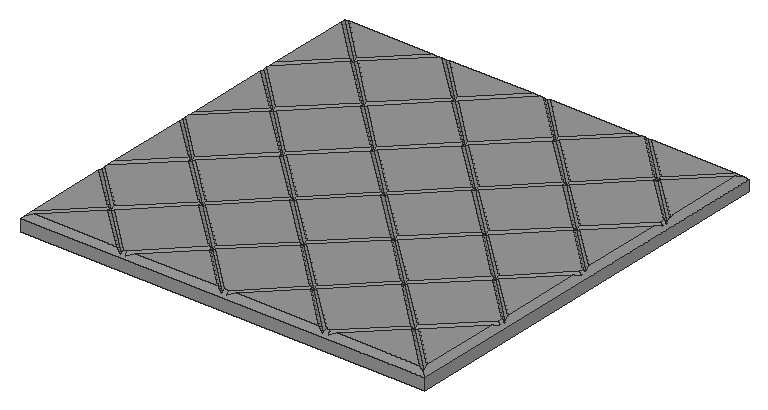
Revit family "CROSSED-2X2", category Generic Models, Revit 2025
Family settings
  Can host rebar = No
  Round Connector Dimension = Use Diameter
  Part Type = Normal
  Work Plane-Based = No
  Always vertical = Yes
  Cut with Voids When Loaded = No
  Maintain Annotation Orientation = No
  Shared = No
  Room Calculation Point = No
Parameters (values of type "STANDARD - CUSTOM PAINTED")
  URL = "https://www.acousticalsurfaces.com/envirocoustic-wood-wool/designs/"
  Thickness = 0' - 1"
  Material = "Envirocoustic Wood Wool"
  Manufacturer = "Acoustical Surfaces, Inc."
  Finish = Custom Painted
  Default Elevation = 0' - 0"
  Backer Thickness = 0' - 1"
  Backer = no
Types (9): name | Finish | Backer Thickness | Backer
  STANDARD - CUSTOM PAINTED | Custom Painted | 0' - 1" | no
  STANDARD - PRIMED WHITE | Primed White | 0' - 1" | no
  STANDARD - PRIMED CLEAR | Primed Clear | 0' - 1" | no
  2 INCH CFAB BACKER - PRIMED WHITE | Primed White | 0' - 2" | yes
  1 INCH CFAB BACKER - PRIMED WHITE | Primed White | 0' - 1" | yes
  2 INCH CFAB BACKER - PRIMED CLEAR | Primed Clear | 0' - 2" | yes
  1 INCH CFAB BACKER - PRIMED CLEAR | Primed Clear | 0' - 1" | yes
  2 INCH CFAB BACKER - CUSTOM PAINTED | Custom Painted | 0' - 2" | yes
  1 INCH CFAB BACKER - CUSTOM PAINTED | Custom Painted | 0' - 1" | yes
Reference planes (in)
  plane 1 "Center (Front/Back)": y = 0
  plane 2: z = 0
  plane 3 "Center (Left/Right)": x = 0
  plane 4: x = -12
  plane 5: x = 12
  plane 6: y = 12
  plane 7: y = -12
  plane 8: z = 1
  plane 9: z = -1
Forms (in)
  Extrusion 1, solid, material "Custom Painted" <- "Finish"
    sketch origin (0, 0, 0) x (1, 0, 0) y (0, 1, 0)
      loop
        line (12, 12) -> (-12, 12) -> (-12, -12) -> (12, -12) -> (12, 12)
    from 0 to 1
  Sweep 2, void
    path in 3D
      loop
        line (12, 12, 1) -> (-12, 12, 1) -> (-12, -12, 1) -> (12, -12, 1) -> (12, 12, 1)
    profile "Triangle : Family2" origin (12, 0, 1) x (-1, 0, 0) y (0, 0, 1)
      loop
        line (0, 0) -> (0, -0.315) -> (0.315, 0) -> (0, 0)
  Extrusion 3, solid, visible <- "Backer"
    sketch origin (0, 0, 0) x (1, 0, 0) y (0, 1, 0)
      loop
        line (12, 12) -> (-12, 12) -> (-12, -12) -> (12, -12) -> (12, 12)
    from 0 to -1
  Sweep 4, void
    path origin (0, -36, 1) x (-1, 0, 0) y (0, -1, 0)
      loop
        line (-12, -48) -> (12, -24)
    profile "Groove : Family2" origin (0, 0, 1) x (0.707107, -0.707107, 0) y (0, 0, 1)
      loop
        line (0.1575, 0) -> (-0.1575, 0) -> (0, -0.1575) -> (0.1575, 0)
  Sweep 5, void
    path origin (0, -24, 1) x (-1, 0, 0) y (0, -1, 0)
      loop
        line (-12, -30) -> (6, -12)
    profile "Groove : Family2" origin (3, -3, 1) x (0.707107, -0.707107, 0) y (0, 0, 1)
      loop
        line (0.1575, 0) -> (-0.1575, 0) -> (0, -0.1575) -> (0.1575, 0)
  Sweep 6, void
    path origin (0, -24, 1) x (-1, 0, 0) y (0, -1, 0)
      loop
        line (-12, -24) -> (0, -12)
    profile "Groove : Family2" origin (6, -6, 1) x (0.707107, -0.707107, 0) y (0, 0, 1)
      loop
        line (0.1575, 0) -> (-0.1575, 0) -> (0, -0.1575) -> (0.1575, 0)
  Sweep 7, void
    path origin (0, -24, 1) x (-1, 0, 0) y (0, -1, 0)
      loop
        line (-12, -18) -> (-6, -12)
    profile "Groove : Family2" origin (9, -9, 1) x (0.707107, -0.707107, 0) y (0, 0, 1)
      loop
        line (0.1575, 0) -> (-0.1575, 0) -> (0, -0.1575) -> (0.1575, 0)
  Sweep 8, void
    path origin (-24, 0, 1) x (0, -1, 0) y (1, 0, 0)
      loop
        line (-12, 30) -> (6, 12)
    profile "Groove : Family2" origin (-3, 3, 1) x (0.707107, -0.707107, 0) y (0, 0, 1)
      loop
        line (-0.1575, 0) -> (0, -0.1575) -> (0.1575, 0) -> (-0.1575, 0)
  Sweep 9, void
    path origin (-24, 0, 1) x (0, -1, 0) y (1, 0, 0)
      loop
        line (-12, 24) -> (0, 12)
    profile "Groove : Family2" origin (-6, 6, 1) x (0.707107, -0.707107, 0) y (0, 0, 1)
      loop
        line (-0.1575, 0) -> (0, -0.1575) -> (0.1575, 0) -> (-0.1575, 0)
  Sweep 10, void
    path origin (-24, 0, 1) x (0, -1, 0) y (1, 0, 0)
      loop
        line (-12, 18) -> (-6, 12)
    profile "Groove : Family2" origin (-9, 9, 1) x (0.707107, -0.707107, 0) y (0, 0, 1)
      loop
        line (-0.1575, 0) -> (0, -0.1575) -> (0.1575, 0) -> (-0.1575, 0)
  Sweep 11, void
    path origin (0, 0, 1) x (1, 0, 0) y (0, 1, 0)
      loop
        line (12, 6) -> (6, 12)
    profile "Groove : Family2" origin (9, 9, 1) x (-0.707107, -0.707107, 0) y (0, 0, 1)
      loop
        line (-0.1575, 0) -> (0, -0.1575) -> (0.1575, 0) -> (-0.1575, 0)
  Sweep 12, void
    path origin (0, 0, 1) x (1, 0, 0) y (0, 1, 0)
      loop
        line (12, 0) -> (0, 12)
    profile "Groove : Family2" origin (6, 6, 1) x (-0.707107, -0.707107, 0) y (0, 0, 1)
      loop
        line (-0.1575, 0) -> (0, -0.1575) -> (0.1575, 0) -> (-0.1575, 0)
  Sweep 13, void
    path origin (0, 0, 1) x (1, 0, 0) y (0, 1, 0)
      loop
        line (12, -6) -> (-6, 12)
    profile "Groove : Family2" origin (3, 3, 1) x (-0.707107, -0.707107, 0) y (0, 0, 1)
      loop
        line (-0.1575, 0) -> (0, -0.1575) -> (0.1575, 0) -> (-0.1575, 0)
  Sweep 14, void
    path origin (0, 0, 1) x (1, 0, 0) y (0, 1, 0)
      loop
        line (-12, 12) -> (12, -12)
    profile "Groove : Family2" origin (0, 0, 1) x (0.707107, 0.707107, 0) y (0, 0, 1)
      loop
        line (-0.1575, 0) -> (0, -0.1575) -> (0.1575, 0) -> (-0.1575, 0)
  Sweep 15, void
    path origin (0, 0, 1) x (1, 0, 0) y (0, 1, 0)
      loop
        line (-12, 6) -> (6.00002, -12.00002)
    profile "Groove : Family2" origin (-2.99999, -3.00001, 1) x (0.707107, 0.707107, 0) y (0, 0, 1)
      loop
        line (-0.1575, 0) -> (0, -0.1575) -> (0.1575, 0) -> (-0.1575, 0)
  Sweep 16, void
    path origin (0, 0, 1) x (1, 0, 0) y (0, 1, 0)
      loop
        line (-12, 0) -> (0, -12)
    profile "Groove : Family2" origin (-6, -6, 1) x (0.707107, 0.707107, 0) y (0, 0, 1)
      loop
        line (-0.1575, 0) -> (0, -0.1575) -> (0.1575, 0) -> (-0.1575, 0)
  Sweep 17, void
    path origin (0, 0, 1) x (1, 0, 0) y (0, 1, 0)
      loop
        line (-12, -6) -> (-6.00002, -12)
    profile "Groove : Family2" origin (-9.00001, -9, 1) x (0.707108, 0.707106, 0) y (0, 0, 1)
      loop
        line (-0.1575, 0) -> (0, -0.1575) -> (0.1575, 0) -> (-0.1575, 0)
Cuts and joins
  Sweep 2, Sweep 4, Sweep 5, Sweep 6, Sweep 7, Sweep 8, Sweep 9, Sweep 10, Sweep 11, Sweep 12, Sweep 13, Sweep 14, Sweep 15, Sweep 16, Sweep 17 cuts Extrusion 1
Lines and regions (in)
  sketch lines
    curve 1: line (12, -12, 1) -> (12, 12, 1)
    curve 2: line (-12, -12, 1) -> (12, -12, 1)
    curve 3: line (-12, 12, 1) -> (-12, -12, 1)
    curve 4: line (12, 12, 1) -> (-12, 12, 1)
Dimensions and locks (in)
  equal spacing: plane 4, plane 3 "Center (Left/Right)", plane 5
  equal spacing: plane 7, plane 1 "Center (Front/Back)", plane 6
  plane 7 to plane 6 = 2' - 0"
  locked: plane 4 to plane 5 at 24
  "Thickness": plane 8 to level
  "Backer Thickness": level to plane 9
  aligned and locked: level to plane 2
  aligned and locked: Extrusion 1 sketch curve to plane 4
  aligned and locked: plane 5 to Extrusion 1 sketch curve
  aligned and locked: Extrusion 1 sketch curve to plane 6
  aligned and locked: Extrusion 1 sketch curve to plane 7
  aligned and locked: Extrusion 1 to plane 8
  aligned and locked: Extrusion 3 sketch curve to plane 4
  aligned and locked: plane 5 to Extrusion 3 sketch curve
  aligned and locked: Extrusion 3 sketch curve to plane 6
  aligned and locked: Extrusion 3 sketch curve to plane 7
  aligned and locked: plane 9 to Extrusion 3
Automatic sketch dimensions
  plane 6 to Sweep 4 sketch curve = 0' - 0"
  Sweep 4 sketch curve to plane 7 = 0' - 0"
  plane 5 to Sweep 4 sketch curve = 0' - 0"
  plane 4 to Sweep 4 sketch curve = 0' - 0"
  plane 5 to Sweep 5 sketch curve = 0' - 0"
  plane 6 to Sweep 5 sketch curve = 0' - 6"
  plane 7 to Sweep 5 sketch curve = 0' - 0"
  Sweep 5 sketch curve to plane 3 "Center (Left/Right)" = 0' - 6"
  Sweep 6 sketch curve to plane 1 "Center (Front/Back)" = 0' - 0"
  plane 5 to Sweep 6 sketch curve = 0' - 0"
  plane 3 "Center (Left/Right)" to Sweep 6 sketch curve = 0' - 0"
  plane 7 to Sweep 6 sketch curve = 0' - 0"
  plane 5 to Sweep 7 sketch curve = 0' - 0"
  plane 1 "Center (Front/Back)" to Sweep 7 sketch curve = 0' - 6"
  plane 7 to Sweep 7 sketch curve = 0' - 0"
  Sweep 7 sketch curve to plane 5 = 0' - 6"
  plane 6 to Sweep 8 sketch curve = 0' - 0"
  plane 4 to Sweep 8 sketch curve = 0' - 0"
  plane 1 "Center (Front/Back)" to Sweep 8 sketch curve = 0' - 6"
  Sweep 8 sketch curve to plane 5 = 0' - 6"
  plane 6 to Sweep 9 sketch curve = 0' - 0"
  plane 1 "Center (Front/Back)" to Sweep 9 sketch curve = 0' - 0"
  plane 4 to Sweep 9 sketch curve = 0' - 0"
  plane 3 "Center (Left/Right)" to Sweep 9 sketch curve = 0' - 0"
  plane 6 to Sweep 10 sketch curve = 0' - 0"
  plane 4 to Sweep 10 sketch curve = 0' - 0"
  Sweep 10 sketch curve to plane 1 "Center (Front/Back)" = 0' - 6"
  Sweep 10 sketch curve to plane 3 "Center (Left/Right)" = 0' - 6"
